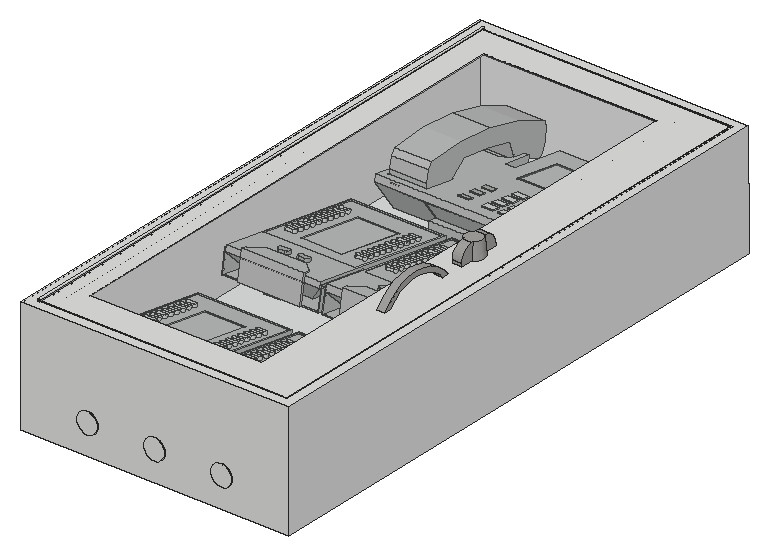
Revit family "Electronics_Communication_Talkaphone_AOR-160-Station-IP-Command-Unit", category Telephone Devices, host Face, Revit 2020
Family settings
  Host = Face
  Maintain Annotation Orientation = No
  Round Connector Dimension = Use Diameter
  Part Type = Normal
  OmniClass Number = 23.37.27.17
  OmniClass Title = Emergency Call Equipment
  Cut with Voids When Loaded = No
  Shared = No
  Room Calculation Point = No
Parameters (values of type "160-Station IP Command Unit")
  Wiring = "Minimum Cat5e. If required, fire resistive CI/CIC Ethernet cable is supported."
  Width = 14"  # constant formula
  Warranty = "5-year limited warranty"
  Voltage = 120 V  # constant formula
  Visible Door [instance] = yes
  URL = "https://www.talkaphone.com/"
  Supervision Relay = "IP Supervisor (Model AOR-IP-SUP) provides an SPST (Form 1A) output. UPS Supervisor (Model AOR-IP-UPS-SUP) provides a DPDT (Form C) output."
  Programming = "Programming and configuration through a web browser (web GUI). All programming is stored on non-volatile flash memory."
  Product data url = "https://www.bimobject.com/talkaphone/product/aor-ip-160-cu_area-of-rescue-160-station-ip-command-unit"
  Product Material = Talkaphone - Steel - White
  Product Guid = "5bf41b26-ad6a-4e9d-8765-a2dac9f9c9c1"
  Power Source = "120VAC, 65W. IP Command Unit, IP Supervisor, and UPS Supervisor receive power from external UPS (120VAC)."
  Power Factor = 1
  Number of Poles = 1
  Mounting = "Flush mount with optional trim ring or surface mount"
  Model = "AOR-IP-160-CU"
  Manufacturer = "Talkaphone"  # constant formula
  Keynote = "27 30 00"
  Height = 30"  # constant formula
  Fault Monitoring = "IP Supervisor (Model AOR-IP-SUP) automatically and continuously monitors for network pathway integrity for the AOR IP Stations and IP Command Unit(s). UPS Supervisor (Model AOR-IP-UPS-SUP) automatically and continuously monitors the primary power source being supplied to the uninterruptible power supply (UPS) for an IP Supervisor and either an IP Command Unit or an IP Auxiliary Command Unit."
  Environment = "For indoor use"
  Edition number = 1
  Description = "THE AOR-IP SERIES IS AN IP-BASED SYSTEM ACCOMMODATING UP TO 160 ADA-COMPLIANT AREA OF RESCUE IP CALL STATIONS. THE SYSTEM OFFERS CAPABILITY FOR MULTIPLE IP COMMAND UNITS, ON-AND OFF-PREMISE COMMUNICATION, AND IP NETWORK SUPERVISION."
  Depth = 6"  # constant formula
  Default Elevation = 48"
  Construction = "18 gauge, painted steel enclosure with acrylic window"
  Connectivity = "Supports up to two (2) analog trunk (PSTN) lines or up to fifty (50) SIP trunk accounts (requires SIP service and Internet connectivity provided by others) for off-site communication"
  Connection = "RJ45 Ethernet"
  Communication = "IP Command Unit receives and selectively originates calls through built-in IP phone—providing an LCD and keys with LEDs to indicate IP Call Station line status (i.e. idle, ringing, or busy)."
  Call Station Options = "Indoor Flush Mount Model: AOR-IP-CSE-FM, Indoor Surface Mount Model: AOR-IP-CSE-SM"
  Assembly Code = "D5030300"
  Apparent Load = 0 VA
  AC Input Rating = "90 ~ 264 VAC, 50-60 Hz, 65W"
Reference planes (in)
  plane 1 "Center (Front/Back)": y = 0
  plane 2: z = 0
  plane 3 "Center (Left/Right)": x = 0
Forms (in)
  Extrusion 1, solid, material "Talkaphone - Steel - White" <- "Product Material"
    sketch origin (0, -5.00672, 0) x (-1, 0, 0) y (0, 0, -1)
      loop
        circle (3.5, -1.578) r 0.54578
      loop
        circle (0, -1.578) r 0.54578
      loop
        circle (-3.5, -1.578) r 0.54578
    from 9.952 to 10
  Extrusion 2, solid, material "Talkaphone - Steel - White" <- "Product Material"
    sketch origin (0, -12.58615, -9.95591) x (-1, 0, 0) y (0, -1, 0)
      loop
        circle (3.5, -1.578) r 0.54578
      loop
        circle (0, -1.578) r 0.54578
      loop
        circle (-3.5, -1.578) r 0.54578
    from 9.952 to 10
  Sweep 3, solid, material "Talkaphone - Steel - White" <- "Product Material"
    path origin (0, 0, 0) x (1, 0, 0) y (0, 1, 0)
      loop
        line (-7, 15) -> (-7, -15) -> (7, -15) -> (7, 15) -> (-7, 15)
    profile origin (0, 15, 0) x (0, 1, 0) y (0, 0, 1)
      loop
        line (-0.452, 5.503) -> (-0.452, 5.955) -> (-0.048, 5.955) -> (-0.048, 0) -> (0, 0) -> (0, 6.003) -> (-0.5, 6.003) -> (-0.5, 5.503) -> (-0.452, 5.503)
  Sweep 4, solid, material "Talkaphone - Steel - White" <- "Product Material"
    path origin (0, 0, 0) x (0, 1, 0) y (0, 0, 1)
      loop
        line (14.5, 5.373) -> (-14.5, 5.373)
    profile origin (0, 0, 5.373) x (0, 0, -1) y (1, 0, 0)
      loop
        line (-0.13, 6.5) -> (-0.048, 6.5) -> (-0.048, 5.998) -> (0, 5.998) -> (0, 6.548) -> (-0.13, 6.548) -> (-0.13, 6.5)
  Sweep 5, solid, material "Talkaphone - Steel - White" <- "Product Material", detail levels medium+fine
    path origin (0, 0, 0) x (0, 1, 0) y (0, 0, 1)
      loop
        line (14.5, 6.003) -> (-14.5, 6.003)
    profile origin (0, 0, 6.003) x (0, 0, -1) y (1, 0, 0)
      loop
        circle (-0.05093, -6.44306) r 0.05694
  Extrusion 6, solid, material "Talkaphone - Steel - White" <- "Product Material"
    sketch origin (0, 0, 0) x (1, 0, 0) y (0, 1, 0)
      loop
        line (-7, 15) -> (-7, -15) -> (7, -15) -> (7, 15) -> (-7, 15)
    from 0 to 0.59572
  Extrusion 7, solid, material "Talkaphone - Steel - White" <- "Product Material", detail levels medium+fine
    sketch origin (0, 0, 0) x (1, 0, 0) y (0, 1, 0)
      loop
        line (6.952, 11.825) -> (5.75, 11.825) -> (5.75, 8.875) -> (6.25523, 8.875) -> (6.25523, 8.325) -> (6.952, 8.325) -> (6.952, 11.825)
    from 1.25 to 3.75
  Extrusion 8, solid, material "Talkaphone - Plastic - Clear plastic", visible <- "Visible Door"
    sketch origin (-13.3426, -62.95536, 6.00398) x (-1, 0, 0) y (0, -1, 0)
      loop
        line (-7.58148, -76.76786) -> (-7.58148, -49.26786) -> (-17.83148, -49.26786) -> (-17.83148, -76.76786) -> (-7.58148, -76.76786)
    from -0.04 to -0.09
  Extrusion 9, solid, material "Talkaphone - Steel - White" <- "Product Material", visible <- "Visible Door"
    sketch origin (-13.3426, -62.95536, 6.00398) x (-1, 0, 0) y (0, -1, 0)
      loop
        line (-6.95648, -48.51786) -> (-19.80648, -48.51786) -> (-19.80648, -77.39286) -> (-6.95648, -77.39286) -> (-6.95648, -48.51786)
      loop
        line (-8.20648, -75.89286) -> (-8.20648, -50.14286) -> (-17.20648, -50.14286) -> (-17.20648, -75.89286) -> (-8.20648, -75.89286)
    from 0 to -0.04
  Revolve 10, solid, material "Talkaphone - Plastic - Grey_RAL 9007", visible <- "Visible Door", detail levels fine
    sketch origin (4.97748, 0.00002, 0) x (0, 1, 0) y (0, 0, 1)
      loop
        line (-0.375, 6.83745) -> (-0.375, 4.94278) -> (-0.15059, 4.94278) -> (-0.15059, 5.1398) -> (-0.00098, 5.1398) -> (-0.00098, 6.00398) -> (0.16657, 6.00398) -> (0.06842, 6.83745) -> (-0.375, 6.83745)
      axis (-0.375, 4.94278) -> (-0.375, 6.83745)
    angle from 0 to 360
  Sweep 11, solid, material "Talkaphone - Steel - White" <- "Product Material", visible <- "Visible Door"
    path origin (-13.3426, -62.95536, 6.00398) x (-1, 0, 0) y (0, -1, 0)
      loop
        line (-6.95648, -77.39286) -> (-6.95648, -48.51786) -> (-19.80648, -48.51786) -> (-19.80648, -77.39286) -> (-6.95648, -77.39286)
    profile origin (0.03888, 14.4375, 6.00398) x (0, 1, 0) y (0, 0, 1)
      loop
        line (-0.048, 0) -> (-0.048, -0.5) -> (0, -0.5) -> (0, 0) -> (-0.048, 0)
  Extrusion 12, solid, material "Talkaphone - Plastic - Grey_RAL 9007", visible <- "Visible Door", detail levels fine
    sketch origin (0, -2.95536, 0) x (0, 1, 0) y (0, 0, 1)
      loop
        line (1.48978, 6.00398) -> (3.67097, 6.00398) -> (3.67097, 6.12912)
        arc (3.67097, 6.12912) -> (3.48481, 6.60885) -> (3.0238, 6.83745) r 0.71121
        line (3.0238, 6.83745) -> (2.13696, 6.83745)
        arc (2.13696, 6.83745) -> (1.67594, 6.60885) -> (1.48978, 6.12912) r 0.71121
        line (1.48978, 6.12912) -> (1.48978, 6.00398)
    from 4.7338 to 5.22872
  Extrusion 13, solid, material "Talkaphone - Plastic - Grey_RAL 9007", visible <- "Visible Door", detail levels fine
    sketch origin (-13.3426, -62.95536, 6.00398) x (-1, 0, 0) y (0, -1, 0)
      loop
        line (-20.10977, -62.98386) -> (-18.68983, -62.98386) -> (-18.29142, -62.95329)
        arc (-18.29142, -62.95329) -> (-17.94606, -62.58036) -> (-18.29146, -62.20746) r 0.37402
        line (-18.29146, -62.20746) -> (-18.68983, -62.17689) -> (-20.10977, -62.17689) -> (-20.10977, -62.98386)
    from -0.86417 to -0.70669
  Extrusion 14, solid, material "Talkaphone - Plastic - Grey_RAL 9007", visible <- "Visible Door", detail levels fine
    sketch origin (0, -2.95536, 0) x (0, 1, 0) y (0, 0, 1)
      loop
        line (-3.50691, 6.00194) -> (-3.17594, 6.00194)
        arc (-3.17594, 6.00194) -> (-1.42923, 6.80339) -> (0.31747, 6.00194) r 2.30414
        line (0.31747, 6.00194) -> (0.64844, 6.00194)
        arc (0.64844, 6.00194) -> (-1.42923, 7.06339) -> (-3.50691, 6.00194) r 2.56414
    from 4.78629 to 5.18536
Cuts and joins
  joined: Revolve 10, Extrusion 12
  joined: Extrusion 9, Sweep 11
  joined: Sweep 3, Extrusion 6
Lines and regions (in)
  Masking region 1
    outline origin (0, 0, 0) x (1, 0, 0) y (0, 0, 1)
      loop
        line (-7, 6.003) -> (-7, 0) -> (7, 0) -> (7, 6.003) -> (-7, 6.003)
  Masking region 2, visible <- "Visible Door", detail levels medium+fine
    outline origin (0, 0, 0) x (1, 0, 0) y (0, 0, 1)
      loop
        line (4.78629, 6.003) -> (5.18536, 6.003) -> (5.18536, 7.06339) -> (4.78629, 7.06339) -> (4.78629, 6.003)
  Masking region 3, visible <- "Visible Door", detail levels medium+fine
    outline origin (0, 0, 0) x (1, 0, 0) y (0, 0, 1)
      loop
        line (4.78629, 6.83858) -> (4.53475, 6.83858) -> (4.4249, 6.003) -> (4.78629, 6.003) -> (4.78629, 6.83858)
      loop
        line (5.18536, 6.83858) -> (5.18536, 6.003) -> (5.54441, 6.003) -> (5.43456, 6.83858) -> (5.18536, 6.83858)
Dimensions and locks (in)
  Sweep 3 sketch curve to Sweep 3 sketch curve to Sweep 3 sketch curve = 0.048" locked, 0.452" locked
  Sweep 3 sketch curve to Sweep 3 sketch curve to Sweep 3 sketch curve = 0.404" locked, 0.048" locked
  Sweep 4 sketch curve to Sweep 4 sketch curve to profile plane = 0.082" locked, 0.048" locked
  Sweep 4 sketch curve to Sweep 4 sketch curve to Sweep 4 sketch curve = 0.048" locked, 0.502" locked
  aligned and locked: plane 2 to host face
  aligned and locked: level to host face
  aligned and locked: Sweep 4 sketch curve to profile plane
Nested families (in)
  nested 1: "Panel" at (2.00219, 0.25658, 0.59572), type "Panel"
    with Screen material Talkaphone - Plastic - Clear plastic, Panel box material Talkaphone - Plastic - Grey_RAL 9006, Key 2 material Talkaphone - Plastic - Grey_RAL 9007, Key 1 material Talkaphone - Plastic - Grey_RAL 7035, Frame material Talkaphone - Plastic - Grey_RAL 9006
  nested 2: "Phone" at (-0.09398, 9.63829, 0.59572), type "Phone"
    with Screen material Talkaphone - Plastic - Clear plastic, Phone material Talkaphone - Plastic - Grey_RAL 9006, Key 2 material Talkaphone - Plastic - Grey_RAL 9007, Key 1 material Talkaphone - Plastic - Grey_RAL 7035
  nested 3: "Panel" at (-3.25, 0.25658, 0.59572), type "Panel"
    with Screen material Talkaphone - Plastic - Clear plastic, Panel box material Talkaphone - Plastic - Grey_RAL 9006, Key 2 material Talkaphone - Plastic - Grey_RAL 9007, Key 1 material Talkaphone - Plastic - Grey_RAL 7035, Frame material Talkaphone - Plastic - Grey_RAL 9006
  nested 4: "Panel" at (2.00219, -9.74289, 0.59572), type "Panel"
    with Screen material Talkaphone - Plastic - Clear plastic, Panel box material Talkaphone - Plastic - Grey_RAL 9006, Key 2 material Talkaphone - Plastic - Grey_RAL 9007, Key 1 material Talkaphone - Plastic - Grey_RAL 7035, Frame material Talkaphone - Plastic - Grey_RAL 9006
  nested 5: "Panel" at (-3.25, -9.74289, 0.59572), type "Panel"
    with Screen material Talkaphone - Plastic - Clear plastic, Panel box material Talkaphone - Plastic - Grey_RAL 9006, Key 2 material Talkaphone - Plastic - Grey_RAL 9007, Key 1 material Talkaphone - Plastic - Grey_RAL 7035, Frame material Talkaphone - Plastic - Grey_RAL 9006
Connectors (in)
  electrical at (0, 0, 0), driven by "Apparent Load", driven by "Apparent Load", driven by "Apparent Load", driven by "Voltage", driven by "Power Factor", driven by "Number of Poles"
    settings: on cut or joined group of Sweep 3, Extrusion 6, index 1, voltage 120 V, apparent load 0 VA, apparent load phase1 0 VA, apparent load phase2 0 VA, apparent load phase3 0 VA, power factor 1, load classification "Power", number of poles 1, system type 31, power factor state 1, is connector primary yes, connector utility no, sub classification motor no, connector description "Power Connector"
  electrical at (0.59055, 8.33052, 0.59572)
    settings: on nested 2, index 2, voltage 0 V, apparent load 0 VA, apparent load phase1 0 VA, apparent load phase2 0 VA, apparent load phase3 0 VA, power factor 1, load classification "Other", number of poles 1, system type 14, power factor state 1, is connector primary no, connector utility no, sub classification motor no, connector description "Communication Connector"
Definition of nested family "Panel"
  Parameters (values of type "Panel")
    Screen material [instance] = none
    Panel box material [instance] = none
    Key 2 material [instance] = none
    Key 1 material [instance] = none
    Frame material [instance] = none
    Default Elevation = 48"
  Reference planes (in)
    plane 1 "Center (Front/Back)": y = 0
    plane 2: z = 0
    plane 3 "Center (Left/Right)": x = 0
  Forms (in)
    Extrusion 1, solid, material <- "Panel box material", detail levels medium+fine
      sketch origin (-15.87299, 8.07746, -6.96779) x (1, 0, 0) y (0, 0.985055, -0.17224)
        loop
          line (18.33362, -4.83883) -> (13.41236, -4.83883) -> (13.41236, -13.10654) -> (18.33362, -13.10654) -> (18.33362, -4.83883)
      from 7.83742 to 8.17526
    Blend 2, solid, material <- "Panel box material", detail levels medium+fine
      base sketch origin (-15.87299, 8.07746, -6.96779) x (1, 0, 0) y (0, 0.985055, -0.17224)
        loop
          line (14.39661, -5.82308) -> (14.39661, -12.12229) -> (17.34937, -12.12229) -> (17.34937, -5.82308) -> (14.39661, -5.82308)
      top sketch origin (-15.87299, 8.07746, -6.96779) x (1, 0, 0) y (0, 0.985055, -0.17224)
        loop
          line (18.33362, -4.83883) -> (13.41236, -4.83883) -> (13.41236, -13.10654) -> (18.33362, -13.10654) -> (18.33362, -4.83883)
      from 6.85997 to 7.83742
    Extrusion 3, void
      sketch origin (-15.87299, 8.07746, -6.96779) x (1, 0, 0) y (0, 0.985055, -0.17224)
        loop
          line (13.47142, -10.73521) -> (18.27457, -10.73521) -> (18.27457, -4.90844) -> (13.47142, -4.90844) -> (13.47142, -10.73521)
      from 8.13715 to 8.26759
    Extrusion 4, solid, material <- "Key 2 material", detail levels fine
      sketch origin (-15.87299, 8.07746, -6.96779) x (1, 0, 0) y (0, 0.985055, -0.17224)
        loop
          line (15.51118, -11.5908) -> (15.21118, -11.5908)
          arc (15.21118, -11.5908) -> (15.0537, -11.74828) -> (15.21118, -11.90576) r 0.15748
          line (15.21118, -11.90576) -> (15.51118, -11.90576)
          arc (15.51118, -11.90576) -> (15.66866, -11.74828) -> (15.51118, -11.5908) r 0.15748
        loop
          line (16.2348, -11.90576) -> (16.5348, -11.90576)
          arc (16.5348, -11.90576) -> (16.69228, -11.74828) -> (16.5348, -11.5908) r 0.15748
          line (16.5348, -11.5908) -> (16.2348, -11.5908)
          arc (16.2348, -11.5908) -> (16.07732, -11.74828) -> (16.2348, -11.90576) r 0.15748
      from 8.17652 to 8.30152
    Extrusion 5, void
      sketch origin (-15.87299, 8.07746, -6.96779) x (1, 0, 0) y (0, 0.985055, -0.17224)
        loop
          line (14.79031, -6.13804) -> (14.79031, -9.91773) -> (16.95567, -9.91773) -> (16.95567, -6.13804) -> (14.79031, -6.13804)
      from 8.11672 to 8.26215
    Extrusion 6, solid, material <- "Frame material", detail levels medium+fine
      sketch origin (-15.87299, 8.07746, -6.96779) x (1, 0, 0) y (0, 0.985055, -0.17224)
        loop
          line (14.74799, -11.40454) -> (16.99799, -11.40454) -> (16.99799, -8.40454) -> (14.74799, -8.40454) -> (14.74799, -11.40454)
        loop
          line (18.37299, -13.07654) -> (18.37299, -10.32654) -> (17.49799, -10.32654) -> (17.49799, -10.15559) -> (17.44999, -10.15559) -> (17.44999, -5.65454) -> (14.29599, -5.65454) -> (14.29599, -10.15559) -> (14.24799, -10.15559) -> (14.24799, -10.32654) -> (13.37299, -10.32654) -> (13.37299, -13.07654) -> (18.37299, -13.07654)
      from 6.80962 to 6.85762
    Extrusion 7, solid, material <- "Frame material", detail levels medium+fine
      sketch origin (-15.87299, 8.07746, -6.96779) x (0, 0.985055, -0.17224) y (0, 0.17224, 0.985055)
        loop
          line (-13.15454, 8.30962) -> (-13.15454, 6.80962) -> (-13.10654, 6.80962) -> (-13.10654, 8.26162) -> (-12.27954, 8.26162) -> (-12.27954, 8.30962) -> (-13.15454, 8.30962)
      from 14.24799 to 17.49799
    Extrusion 8, void
      sketch origin (-15.87299, 8.07746, -6.96779) x (1, 0, 0) y (0, 0.985055, -0.17224)
        loop
          line (14.20562, -12.91373) -> (14.88988, -12.22946) -> (16.8561, -12.22946) -> (17.55207, -12.92543) -> (17.55207, -12.13803) -> (14.20562, -12.13803) -> (14.20562, -12.91373)
      from 8.22357 to 8.34912
    Extrusion 9, solid, material <- "Frame material", detail levels medium+fine
      sketch origin (15.87299, 8.07746, -6.96779) x (-1, 0, 0) y (0, -0.17224, -0.985055)
        loop
          line (18.42099, -8.05962) -> (18.42099, -6.80962) -> (18.37299, -6.80962) -> (18.37299, -8.05962) -> (18.42099, -8.05962)
      from 13.07654 to 10.32654
    Extrusion 10, solid, material <- "Key 1 material", detail levels fine
      sketch origin (-15.87299, 8.07896, -6.96826) x (1, 0, 0) y (0, 0.985049, -0.172273)
        loop
          line (14.21728, -5.97898) -> (13.86728, -5.97898)
          arc (13.86728, -5.97898) -> (13.76728, -6.07898) -> (13.86728, -6.17898) r 0.1
          line (13.86728, -6.17898) -> (14.21728, -6.17898)
          arc (14.21728, -6.17898) -> (14.31728, -6.07898) -> (14.21728, -5.97898) r 0.1
        loop
          line (14.21728, -6.37269) -> (13.86728, -6.37269)
          arc (13.86728, -6.37269) -> (13.76728, -6.47269) -> (13.86728, -6.57269) r 0.1
          line (13.86728, -6.57269) -> (14.21728, -6.57269)
          arc (14.21728, -6.57269) -> (14.31728, -6.47269) -> (14.21728, -6.37269) r 0.1
        loop
          line (14.21728, -6.76639) -> (13.86728, -6.76639)
          arc (13.86728, -6.76639) -> (13.76728, -6.86639) -> (13.86728, -6.96639) r 0.1
          line (13.86728, -6.96639) -> (14.21728, -6.96639)
          arc (14.21728, -6.96639) -> (14.31728, -6.86639) -> (14.21728, -6.76639) r 0.1
        loop
          line (14.21728, -7.16009) -> (13.86728, -7.16009)
          arc (13.86728, -7.16009) -> (13.76728, -7.26009) -> (13.86728, -7.36009) r 0.1
          line (13.86728, -7.36009) -> (14.21728, -7.36009)
          arc (14.21728, -7.36009) -> (14.31728, -7.26009) -> (14.21728, -7.16009) r 0.1
        loop
          line (14.21728, -7.55379) -> (13.86728, -7.55379)
          arc (13.86728, -7.55379) -> (13.76728, -7.65379) -> (13.86728, -7.75379) r 0.1
          line (13.86728, -7.75379) -> (14.21728, -7.75379)
          arc (14.21728, -7.75379) -> (14.31728, -7.65379) -> (14.21728, -7.55379) r 0.1
        loop
          line (14.21728, -7.94749) -> (13.86728, -7.94749)
          arc (13.86728, -7.94749) -> (13.76728, -8.04749) -> (13.86728, -8.14749) r 0.1
          line (13.86728, -8.14749) -> (14.21728, -8.14749)
          arc (14.21728, -8.14749) -> (14.31728, -8.04749) -> (14.21728, -7.94749) r 0.1
        loop
          line (14.21728, -8.34119) -> (13.86728, -8.34119)
          arc (13.86728, -8.34119) -> (13.76728, -8.44119) -> (13.86728, -8.54119) r 0.1
          line (13.86728, -8.54119) -> (14.21728, -8.54119)
          arc (14.21728, -8.54119) -> (14.31728, -8.44119) -> (14.21728, -8.34119) r 0.1
        loop
          line (14.21728, -8.73489) -> (13.86728, -8.73489)
          arc (13.86728, -8.73489) -> (13.76728, -8.83489) -> (13.86728, -8.93489) r 0.1
          line (13.86728, -8.93489) -> (14.21728, -8.93489)
          arc (14.21728, -8.93489) -> (14.31728, -8.83489) -> (14.21728, -8.73489) r 0.1
        loop
          line (14.21728, -9.12859) -> (13.86728, -9.12859)
          arc (13.86728, -9.12859) -> (13.76728, -9.22859) -> (13.86728, -9.32859) r 0.1
          line (13.86728, -9.32859) -> (14.21728, -9.32859)
          arc (14.21728, -9.32859) -> (14.31728, -9.22859) -> (14.21728, -9.12859) r 0.1
        loop
          line (14.21728, -9.52229) -> (13.86728, -9.52229)
          arc (13.86728, -9.52229) -> (13.76728, -9.62229) -> (13.86728, -9.72229) r 0.1
          line (13.86728, -9.72229) -> (14.21728, -9.72229)
          arc (14.21728, -9.72229) -> (14.31728, -9.62229) -> (14.21728, -9.52229) r 0.1
        loop
          line (17.86999, -5.97898) -> (17.51999, -5.97898)
          arc (17.51999, -5.97898) -> (17.41999, -6.07898) -> (17.51999, -6.17898) r 0.1
          line (17.51999, -6.17898) -> (17.86999, -6.17898)
          arc (17.86999, -6.17898) -> (17.96999, -6.07898) -> (17.86999, -5.97898) r 0.1
        loop
          line (17.86999, -6.37269) -> (17.51999, -6.37269)
          arc (17.51999, -6.37269) -> (17.41999, -6.47269) -> (17.51999, -6.57269) r 0.1
          line (17.51999, -6.57269) -> (17.86999, -6.57269)
          arc (17.86999, -6.57269) -> (17.96999, -6.47269) -> (17.86999, -6.37269) r 0.1
        loop
          line (17.86999, -6.76639) -> (17.51999, -6.76639)
          arc (17.51999, -6.76639) -> (17.41999, -6.86639) -> (17.51999, -6.96639) r 0.1
          line (17.51999, -6.96639) -> (17.86999, -6.96639)
          arc (17.86999, -6.96639) -> (17.96999, -6.86639) -> (17.86999, -6.76639) r 0.1
        loop
          line (17.86999, -7.16009) -> (17.51999, -7.16009)
          arc (17.51999, -7.16009) -> (17.41999, -7.26009) -> (17.51999, -7.36009) r 0.1
          line (17.51999, -7.36009) -> (17.86999, -7.36009)
          arc (17.86999, -7.36009) -> (17.96999, -7.26009) -> (17.86999, -7.16009) r 0.1
        loop
          line (17.86999, -7.55379) -> (17.51999, -7.55379)
          arc (17.51999, -7.55379) -> (17.41999, -7.65379) -> (17.51999, -7.75379) r 0.1
          line (17.51999, -7.75379) -> (17.86999, -7.75379)
          arc (17.86999, -7.75379) -> (17.96999, -7.65379) -> (17.86999, -7.55379) r 0.1
        loop
          line (17.86999, -7.94749) -> (17.51999, -7.94749)
          arc (17.51999, -7.94749) -> (17.41999, -8.04749) -> (17.51999, -8.14749) r 0.1
          line (17.51999, -8.14749) -> (17.86999, -8.14749)
          arc (17.86999, -8.14749) -> (17.96999, -8.04749) -> (17.86999, -7.94749) r 0.1
        loop
          line (17.86999, -8.34119) -> (17.51999, -8.34119)
          arc (17.51999, -8.34119) -> (17.41999, -8.44119) -> (17.51999, -8.54119) r 0.1
          line (17.51999, -8.54119) -> (17.86999, -8.54119)
          arc (17.86999, -8.54119) -> (17.96999, -8.44119) -> (17.86999, -8.34119) r 0.1
        loop
          line (17.86999, -8.73489) -> (17.51999, -8.73489)
          arc (17.51999, -8.73489) -> (17.41999, -8.83489) -> (17.51999, -8.93489) r 0.1
          line (17.51999, -8.93489) -> (17.86999, -8.93489)
          arc (17.86999, -8.93489) -> (17.96999, -8.83489) -> (17.86999, -8.73489) r 0.1
        loop
          line (17.86999, -9.12859) -> (17.51999, -9.12859)
          arc (17.51999, -9.12859) -> (17.41999, -9.22859) -> (17.51999, -9.32859) r 0.1
          line (17.51999, -9.32859) -> (17.86999, -9.32859)
          arc (17.86999, -9.32859) -> (17.96999, -9.22859) -> (17.86999, -9.12859) r 0.1
        loop
          line (17.86999, -9.52229) -> (17.51999, -9.52229)
          arc (17.51999, -9.52229) -> (17.41999, -9.62229) -> (17.51999, -9.72229) r 0.1
          line (17.51999, -9.72229) -> (17.86999, -9.72229)
          arc (17.86999, -9.72229) -> (17.96999, -9.62229) -> (17.86999, -9.52229) r 0.1
      from 8.13715 to 8.26215
    Extrusion 11, solid, material <- "Frame material", detail levels medium+fine
      sketch origin (0, 0, 0) x (1, 0, 0) y (0, 0, 1)
        loop
          line (1.577, 0.048) -> (1.577, 0) -> (2.452, 0) -> (2.452, 0.048) -> (1.577, 0.048)
      from -3.56386 to 1.00547
    Extrusion 12, solid, material <- "Frame material", detail levels medium+fine
      sketch origin (0, 0, 0) x (-1, 0, 0) y (0, 0, -1)
        loop
          line (1.577, -0.048) -> (2.452, -0.048) -> (2.452, 0) -> (1.577, 0) -> (1.577, -0.048)
      from -3.56386 to 1.00547
    Extrusion 13, solid, material <- "Frame material", detail levels medium+fine
      sketch origin (-15.87299, 8.07746, -6.96779) x (1, 0, 0) y (0, 0.17224, 0.985055)
        loop
          line (18.42099, 8.05962) -> (18.37299, 8.05962) -> (18.37299, 6.80962) -> (18.42099, 6.80962) -> (18.42099, 8.05962)
      from 13.07654 to 10.32654
    Extrusion 14, solid, material <- "Frame material", detail levels medium+fine
      sketch origin (0, 0, 0) x (0, 1, 0) y (0, 0, 1)
        loop
          line (-1.00547, 0.048) -> (3.56386, 0.048) -> (3.68858, 0.76128) -> (-0.74519, 1.53654) -> (-1.00547, 0.048)
      from 1.577 to 1.625
    Extrusion 15, solid, material <- "Frame material", detail levels medium+fine
      sketch origin (0, 0, 0) x (0, 1, 0) y (0, 0, -1)
        loop
          line (-1.00547, -0.048) -> (-0.74519, -1.53654) -> (3.68858, -0.76128) -> (3.56386, -0.048) -> (-1.00547, -0.048)
      from 1.577 to 1.625
  Cuts and joins
    Extrusion 3, Extrusion 5 cuts Extrusion 1
    Extrusion 8 cuts Extrusion 7
  Dimensions and locks (in)
    aligned and locked: level to plane 2
Definition of nested family "Phone"
  Parameters (values of type "Phone")
    Screen material [instance] = none
    Phone material [instance] = none
    Key 2 material [instance] = none
    Key 1 material [instance] = none
    Default Elevation = 48"
  Reference planes (in)
    plane 1 "Center (Front/Back)": y = 0
    plane 2: z = 0
    plane 3 "Center (Left/Right)": x = 0
  Forms (in)
    Extrusion 1, solid, material <- "Phone material", detail levels medium+fine
      sketch origin (-13.77953, -1.31127, -6.97425) x (1, 0, 0) y (0, 0.984795, -0.173718)
        loop
          line (18.05118, 3.79819) -> (12.06693, 3.79819) -> (12.06693, 0.84543) -> (11.55512, 0.84543) -> (11.55512, 2.42024) -> (11.29606, 2.42024) -> (11.29606, 1.73913)
          arc (11.29606, 1.73913) -> (11.14962, 1.38558) -> (10.79606, 1.23913) r 0.5
          line (10.79606, 1.23913) -> (9.79606, 1.23913)
          arc (9.79606, 1.23913) -> (9.44251, 1.38558) -> (9.29606, 1.73913) r 0.5
          line (9.29606, 1.73913) -> (9.29606, 2.42199) -> (8.99606, 2.42199) -> (8.99606, -4.46953) -> (18.56299, -4.46953) -> (18.56299, 0.84543) -> (18.05118, 0.84543) -> (18.05118, 3.79819)
        loop
          line (9.29606, -2.30417) -> (9.29606, -4.07583) -> (11.29606, -4.07583) -> (11.29606, -2.30417) -> (9.29606, -2.30417)
      from 9.08241 to 9.4559
    Blend 2, solid, material <- "Phone material", detail levels medium+fine
      base sketch origin (-13.77953, -1.31127, -6.97425) x (1, 0, 0) y (0, 0.984795, -0.173718)
        loop
          line (13.01693, 2.84819) -> (13.01693, 0.84543) -> (17.10118, 0.84543) -> (17.10118, 2.84819) -> (13.01693, 2.84819)
      top sketch origin (-13.77953, -1.31127, -6.97425) x (1, 0, 0) y (0, 0.984795, -0.173718)
        loop
          line (18.05118, 3.79819) -> (12.06693, 3.79819) -> (12.06693, 0.84543) -> (18.05118, 0.84543) -> (18.05118, 3.79819)
      from 8.13395 to 9.08241
    Blend 3, solid, material <- "Phone material", detail levels medium+fine
      base sketch origin (-13.77953, -1.31127, -6.97425) x (1, 0, 0) y (0, 0.984795, -0.173718)
        loop
          line (17.61299, -3.52071) -> (17.61299, 0.84543) -> (11.55512, 0.84543) -> (11.55512, -3.52071) -> (17.61299, -3.52071)
      top sketch origin (-13.77953, -1.31127, -6.97425) x (1, 0, 0) y (0, 0.984795, -0.173718)
        loop
          line (18.56299, 0.84543) -> (11.55512, 0.84543) -> (11.55512, -4.46953) -> (18.56299, -4.46953) -> (18.56299, 0.84543)
      from 8.13395 to 9.08241
    Blend 4, solid, material <- "Phone material", detail levels medium+fine
      base sketch origin (-13.77953, -1.31127, -6.97425) x (1, 0, 0) y (0, 0.984795, -0.173718)
        loop
          line (8.99606, 0.92024) -> (8.99606, -2.96953) -> (11.55512, -2.96953) -> (11.55512, 0.92024) -> (8.99606, 0.92024)
      top sketch origin (-13.77953, -1.31127, -6.97425) x (1, 0, 0) y (0, 0.984795, -0.173718)
        loop
          line (8.99606, -4.46953) -> (11.55512, -4.46953) -> (11.55512, 2.42199) -> (8.99606, 2.42199) -> (8.99606, -4.46953)
      from 7.57698 to 9.08241
    Extrusion 5, solid, material <- "Key 1 material", detail levels fine
      sketch origin (-13.77953, -1.31127, -6.97425) x (1, 0, 0) y (0, 0.984795, -0.173718)
        loop
          line (14.48819, -1.31992) -> (13.89764, -1.31992) -> (13.89764, -1.71362) -> (14.48819, -1.71362) -> (14.48819, -1.31992)
        loop
          line (14.48819, -1.98921) -> (13.89764, -1.98921) -> (13.89764, -2.38291) -> (14.48819, -2.38291) -> (14.48819, -1.98921)
        loop
          line (14.48819, -2.6585) -> (13.89764, -2.6585) -> (13.89764, -3.0522) -> (14.48819, -3.0522) -> (14.48819, -2.6585)
        loop
          line (14.48819, -3.32779) -> (13.89764, -3.32779) -> (13.89764, -3.7215) -> (14.48819, -3.7215) -> (14.48819, -3.32779)
        loop
          line (14.76378, -3.7215) -> (15.35433, -3.7215) -> (15.35433, -3.32779) -> (14.76378, -3.32779) -> (14.76378, -3.7215)
        loop
          line (14.76378, -3.0522) -> (15.35433, -3.0522) -> (15.35433, -2.6585) -> (14.76378, -2.6585) -> (14.76378, -3.0522)
        loop
          line (14.76378, -2.38291) -> (15.35433, -2.38291) -> (15.35433, -1.98921) -> (14.76378, -1.98921) -> (14.76378, -2.38291)
        loop
          line (14.76378, -1.71362) -> (15.35433, -1.71362) -> (15.35433, -1.31992) -> (14.76378, -1.31992) -> (14.76378, -1.71362)
        loop
          line (16.22047, -1.31992) -> (15.62992, -1.31992) -> (15.62992, -1.71362) -> (16.22047, -1.71362) -> (16.22047, -1.31992)
        loop
          line (16.22047, -1.98921) -> (15.62992, -1.98921) -> (15.62992, -2.38291) -> (16.22047, -2.38291) -> (16.22047, -1.98921)
        loop
          line (16.22047, -2.6585) -> (15.62992, -2.6585) -> (15.62992, -3.0522) -> (16.22047, -3.0522) -> (16.22047, -2.6585)
        loop
          line (16.22047, -3.32779) -> (15.62992, -3.32779) -> (15.62992, -3.7215) -> (16.22047, -3.7215) -> (16.22047, -3.32779)
      from 9.4559 to 9.50114
    Extrusion 6, solid, material <- "Key 2 material", detail levels fine
      sketch origin (-13.77953, -1.31127, -6.97425) x (1, 0, 0) y (0, 0.984795, -0.173718)
        loop
          line (13.13976, -1.77268) -> (12.60827, -1.77268) -> (12.60827, -2.04827) -> (13.13976, -2.04827) -> (13.13976, -1.77268)
        loop
          line (13.13976, -2.56008) -> (12.60827, -2.56008) -> (12.60827, -2.83567) -> (13.13976, -2.83567) -> (13.13976, -2.56008)
        loop
          line (13.13976, -3.34748) -> (12.60827, -3.34748) -> (12.60827, -3.62307) -> (13.13976, -3.62307) -> (13.13976, -3.34748)
        loop
          line (17.47047, -1.77268) -> (16.93898, -1.77268) -> (16.93898, -2.04827) -> (17.47047, -2.04827) -> (17.47047, -1.77268)
        loop
          line (17.47047, -2.56008) -> (16.93898, -2.56008) -> (16.93898, -2.83567) -> (17.47047, -2.83567) -> (17.47047, -2.56008)
        loop
          line (17.47047, -3.34748) -> (16.93898, -3.34748) -> (16.93898, -3.62307) -> (17.47047, -3.62307) -> (17.47047, -3.34748)
      from 9.4559 to 9.50114
    Extrusion 7, void
      sketch origin (-13.77953, -1.31127, -6.97425) x (1, 0, 0) y (0, 0.984795, -0.173718)
        loop
          line (12.87368, 2.55903) -> (12.87368, -0.05003) -> (17.25439, -0.05003) -> (17.25439, 2.55903) -> (12.87368, 2.55903)
      from 9.40403 to 9.50114
    Extrusion 8, solid, material <- "Phone material", detail levels medium+fine
      sketch origin (-13.77953, -1.31127, -6.97425) x (0, 0.984795, -0.173718) y (0, 0.173718, 0.984795)
        loop
          arc (-0.13288, 11.17075) -> (-2.02473, 11.01801) -> (-3.87117, 10.57866) r 12.41369
          line (-3.87117, 10.57866) -> (-4.01795, 10.26389) -> (-4.01795, 9.6551) -> (-3.91038, 9.10171)
          arc (-3.91038, 9.10171) -> (-3.84693, 9.00856) -> (-3.73575, 8.99006) r 0.14338
          line (-3.73575, 8.99006) -> (-2.51867, 9.28666) -> (-1.66022, 10.20723)
          arc (-1.66022, 10.20723) -> (-0.8981, 10.28019) -> (-0.13288, 10.3046) r 12.05152
          arc (-0.13288, 10.3046) -> (0.62972, 10.28035) -> (1.38926, 10.20789) r 12.05152
          line (1.38926, 10.20789) -> (1.84111, 9.28148) -> (3.45846, 8.98081)
          arc (3.45846, 8.98081) -> (3.57719, 9.00175) -> (3.64461, 9.10171) r 0.15429
          line (3.64461, 9.10171) -> (3.75218, 9.6551) -> (3.75218, 10.26389) -> (3.60541, 10.57866)
          arc (3.60541, 10.57866) -> (1.75896, 11.01801) -> (-0.13288, 11.17075) r 12.41369
      from 9.32106 to 11.27106
    Extrusion 9, solid, material <- "Screen material", detail levels medium+fine
      sketch origin (-13.77953, -1.31052, -6.9657) x (1, 0, 0) y (0, 0.984795, -0.173718)
        loop
          line (12.89868, 2.53403) -> (12.89868, -0.02503) -> (17.22939, -0.02503) -> (17.22939, 2.53403) -> (12.89868, 2.53403)
      from 9.40403 to 9.4559
    Extrusion 10, solid, material <- "Phone material", detail levels medium+fine
      sketch origin (0, 0, 0) x (0, 1, 0) y (0, 0, 1)
        loop
          line (-3.85038, 1.73315) -> (-3.85038, 0) -> (1.23485, 0) -> (1.23485, 0.83612) -> (-3.85038, 1.73315)
      from -2.22441 to 3.59346
  Cuts and joins
    Extrusion 7 cuts Extrusion 1
  Dimensions and locks (in)
    aligned and locked: level to plane 2
